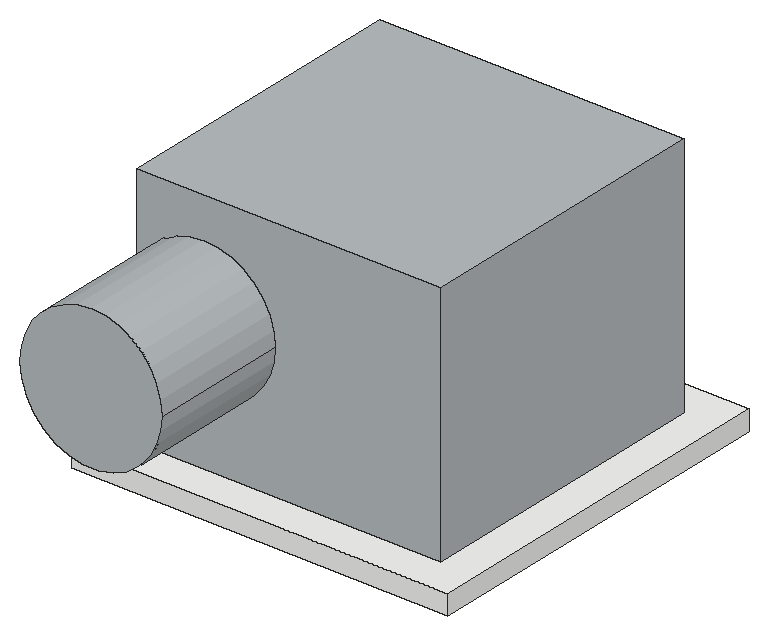
Revit family "vd-18_20zagvr7-c_50Hz", category 機械設備, Revit 2019
Family settings
  丸型コネクタ寸法 = 直径を使用
  パーツ タイプ = 標準
  OmniClass 番号 = 23.75.35.17.27
  OmniClass タイトル = Centrifugal Fans
  作業面ベース = いいえ
  常に垂直 = はい
  ロード時にボイドで切り取り = いいえ
  共有 = いいえ
  部屋計算ポイント = はい
Parameters (values of type "VD-20ZAGVR7-C")
  騒音レベル(dB(A)) [instance] = 47
  風量 [instance] = 550.0 m³/h
  電源種別 [instance] = ""
  電圧 = 100 V
  電動機出力 = 0 W
  電動機_種別 [instance] = ""
  運転質量 = 0.00 kg
  連動 [instance] = ""
  質量 = if(製品質量 > 運転質量, 製品質量, 運転質量) * 1.2  # 6.72 kg
  負荷分類 = 3_ファン類
  説明 = "CO2センサー搭載ダクト用換気扇 インテリア格子タイプ<低騒音形 24時間換気機能付 機器連携/定風量タイプ>"
  設計風量 [instance] = 0.0 m³/h
  設置方法 = "天埋"
  記号 [instance] = ""
  製造元 = "三菱電機株式会社"
  製品質量 = 5.60 kg
  製品出荷対象 = "国内"
  製品リリース年月 = "2024年6月3日"
  製品グループ = ""
  系統 [instance] = ""
  符号 [instance] = if(☑給気／□排気, "FS", "FE")  # "FE"
  積算_科目 = "2 換気設備"
  積算_拾い区分 [instance] = ""
  相 = 1
  盤記号 [instance] = ""
  発停方法 [instance] = ""
  特殊仕様 [instance] = ""
  火災停止 [instance] = ""
  消費電力 = 38 W
  法定耐用年数 = "15"
  機外静圧 [instance] = 140.0 Pa
  極数 = 2
  材質 [instance] = ""
  操作・制御方式 = ""
  操作・制御スイッチ = ""
  排気量 [instance] = if(☑給気／□排気, 0.0 m³/h, 設計風量)  # 0.0 m³/h
  形式 = "天井埋込ダクト形"
  幹線記号 [instance] = ""
  対象室 [instance] = ""
  実風量 [instance] = 0.0 m³/h
  始動方式 [instance] = "直入"
  外気量 [instance] = if(☑給気／□排気, 設計風量, 0.0 m³/h)  # 0.0 m³/h
  呼称 = "天井扇"
  周波数 = 50 Hz
  参照している仕様書等のバージョン = ""
  分類コード = "50052503100030"
  分類グループ = ""
  価格 = 116000
  企業コード = "108420"
  付属品_防振装置 = ""
  付属品 [instance] = ""
  仕様書バージョン = "Version1.0"
  モデル = "VD-20ZAGVR7-C"
  マテリアル = 鋼板
  ファンの種類 = ""
  ダクト径 = 150 mm
  コメント [instance] = ""
  Keynote = ""
  カバーマテリアル = 合成樹脂(白)
  ☑給気／□排気 [instance] = no
  Width = 307 mm
  W1 = 380 mm
  Version = ""
  Uniclass2015Version = "Systems v1.9"
  Uniclass2015Title = "Centrifugal fans"
  Uniclass2015Code = "Pr_65_67_29_12"
  URL = "https://www.mitsubishielectric.co.jp/ldg/wink/qr/002/333510/"
  SpecificationReference = ""
  SpecificationDescription = ""
  Revision = ""
  ProductInformation = ""
  OmniClassCode = "23-33 31 19 11 15"
  MIN風量 = 170.0 m³/h
  MIN静圧 = 70.0 Pa
  MID風量 = 0.0 m³/h
  MID静圧 = 0.0 Pa
  MAX風量 = 550.0 m³/h
  MAX静圧 = 140.0 Pa
  IfcTypeProduct = ""
  IfcProduct = ""
  IfcExportType = "PROPELLORAXIAL"
  IfcExportAs = "IfcFanType"
  Height = 248 mm
  H1 = 20 mm
  EAサイズ_D = 144 mm
  Duct_Height = 135 mm
  Duct_Depth = 142 mm
  Duct_Center = 86 mm
  Depth = 307 mm
  D1 = 380 mm
  Author = "三菱電機株式会社"
Types (2, lengths in mm): name | 騒音レベル(dB(A)) | 風量 | 質量 | 製品質量 | 消費電力 | 機外静圧 | 価格 | モデル | Width | W1 | URL | MIN風量 | MIN静圧 | MAX風量 | MAX静圧 | Height | H1 | Duct_Center | Depth | D1
  VD-18ZAGVR7-C | 42.5 | 400.0 m³/h | 5.64 kg | 4.70 kg | 19 W | 120.0 Pa | 94300 | "VD-18ZAGVR7-C" | 270 | 335 | "https://www.mitsubishielectric.co.jp/ldg/wink/qr/002/333642/" | 130.0 m³/h | 45.0 Pa | 400.0 m³/h | 120.0 Pa | 243 | 19 | 67 | 270 | 335
  VD-20ZAGVR7-C | 47 | 550.0 m³/h | 6.72 kg | 5.60 kg | 38 W | 140.0 Pa | 116000 | "VD-20ZAGVR7-C" | 307 | 380 | "https://www.mitsubishielectric.co.jp/ldg/wink/qr/002/333510/" | 170.0 m³/h | 70.0 Pa | 550.0 m³/h | 140.0 Pa | 248 | 20 | 86 | 307 | 380
Reference planes
  plane 1 "中心(正面/背面)": y = 0
  plane 2: z = 0
  plane 3 "中心(左/右)": x = 0
  plane 4: x = -190
  plane 5: x = 190
  plane 6: y = 190
  plane 7: y = -190
  plane 8: x = -153.5
  plane 9: x = 153.5
  plane 10: y = 153.5
  plane 11: y = -153.5
  plane 12: y = -295.5
  plane 13: z = 248
  plane 14: z = -20
  plane 15: z = 135
  plane 16: x = -86
Forms (mm)
  Extrusion 1, solid, material "鋼板" <- "マテリアル", detail levels fine
    sketch origin (0, 0, 0) x (1, 0, 0) y (0, 1, 0)
      loop
        line (-153.5, 153.5) -> (-153.5, -153.5) -> (153.5, -153.5) -> (153.5, 153.5) -> (-153.5, 153.5)
    from 0 to 248
  Extrusion 2, solid, material "合成樹脂(白)" <- "カバーマテリアル", detail levels fine
    sketch origin (0, 0, 0) x (1, 0, 0) y (0, 1, 0)
      loop
        line (-190, 190) -> (-190, -190) -> (190, -190) -> (190, 190) -> (-190, 190)
    from 0 to -20
  Extrusion 3, solid, material "鋼板" <- "マテリアル", detail levels fine
    sketch origin (0, 0, 0) x (1, 0, 0) y (0, 0, 1)
      loop
        circle (-86, 135) r 72
    from 153.5 to 295.5
Dimensions and locks
  equal spacing: plane 4, plane 3 "中心(左/右)", plane 5
  "W1": plane 4 to plane 5
  equal spacing: plane 6, plane 1 "中心(正面/背面)", plane 7
  "D1": plane 6 to plane 7
  equal spacing: plane 8, plane 3 "中心(左/右)", plane 9
  "Width": plane 8 to plane 9
  equal spacing: plane 10, plane 1 "中心(正面/背面)", plane 11
  "Depth": plane 10 to plane 11
  "Duct_Depth": plane 11 to plane 12
  "Height": plane 13 to plane 2
  "Duct_Height": plane 15 to plane 2
  "H1": plane 2 to plane 14
  "Duct_Center": plane 3 "中心(左/右)" to plane 16
  "EAサイズ_D": diameter of Extrusion 3 sketch curve
  aligned and locked: level to plane 2
  aligned and locked: plane 5 to Extrusion 2
  aligned and locked: plane 6 to Extrusion 2
  aligned and locked: Extrusion 2 to plane 4
  aligned and locked: Extrusion 2 to plane 7
  aligned and locked: plane 9 to Extrusion 1
  aligned and locked: Extrusion 1 to plane 11
  aligned and locked: Extrusion 1 to plane 8
  aligned and locked: plane 10 to Extrusion 1
  aligned and locked: plane 13 to Extrusion 1
  aligned and locked: Extrusion 2 to plane 14
  aligned and locked: level to Extrusion 2
  aligned and locked: Extrusion 1 to level
  aligned and locked: Extrusion 3 to plane 12
  aligned and locked: plane 11 to Extrusion 3
Automatic sketch dimensions
  Extrusion 1 sketch curve to plane 3 "中心(左/右)" = 153.5 mm
  plane 3 "中心(左/右)" to Extrusion 1 sketch curve = 153.5 mm
  Extrusion 2 sketch curve to plane 3 "中心(左/右)" = 190 mm
  plane 3 "中心(左/右)" to Extrusion 2 sketch curve = 190 mm
  plane 1 "中心(正面/背面)" to Extrusion 1 sketch curve = 153.5 mm
  Extrusion 1 sketch curve to plane 1 "中心(正面/背面)" = 153.5 mm
  plane 1 "中心(正面/背面)" to Extrusion 2 sketch curve = 190 mm
  Extrusion 2 sketch curve to plane 1 "中心(正面/背面)" = 190 mm
  Extrusion 3 sketch curve to plane 15 = 0 mm
  Extrusion 3 sketch curve to plane 16 = 0 mm
Nested families
  nested 1: "記号_天井換気扇_平面" at (0, 0, 0), type "記号_天井換気扇_平面", detail levels coarse+medium
Connectors
  hvac at (-86, -295.5, 135), driven by "ダクト径", driven by "風量", driven by "機外静圧"
    settings: on Extrusion 3, index 1, duct flow 550.0 m³/h, flow factor 0, pres drop 140.0 Pa, loss coef 0, conn angle 0.00°, conn width 304.8 mm, conn height 304.8 mm, conn diameter 150 mm, duct sys type 3, conn prof type 0, flow config 0, flow direction 2, loss method 4, conn ref index -1, conn util no, is conn primary yes, conn desc ""
  electrical at (0, 0, 248), driven by "極数", driven by "負荷分類", driven by "電圧", driven by "消費電力"
    settings: on Extrusion 1, index 2, voltage 100 V, apparent load 38 VA, apparent load phase1 0 VA, apparent load phase2 0 VA, apparent load phase3 0 VA, power factor 1, load classification "3_ファン類", number of poles 2, system type 30, power factor state 1, is connector primary yes, connector utility no, sub classification motor no, connector description ""
Definition of nested family "記号_天井換気扇_平面"
  Reference planes
    plane 1: y = 0
    plane 2: x = 0
  Lines and regions (mm)
    detail lines
      curve 1: line (-2.5, 2.5, 0) -> (2.5, 2.5, 0)
      curve 2: line (-2.5, -2.5, 0) -> (-2.5, 2.5, 0)
      curve 3: line (2.5, -2.5, 0) -> (-2.5, -2.5, 0)
      curve 4: line (2.5, 2.5, 0) -> (2.5, -2.5, 0)
      curve 5: circle (-1.04, -1.04, 0) r 1.46 normal (0, 0, 1)
      curve 6: circle (1.04, 1.04, 0) r 1.46 normal (0, 0, 1)
      curve 7: line (-3.125, 3.125, 0) -> (3.125, 3.125, 0)
      curve 8: line (-3.125, -3.125, 0) -> (-3.125, 3.125, 0)
      curve 9: line (3.125, -3.125, 0) -> (-3.125, -3.125, 0)
      curve 10: line (3.125, 3.125, 0) -> (3.125, -3.125, 0)
      curve 11: circle (1.295, 1.295, 0) r 1.83 normal (0, 0, 1)
      curve 12: circle (-1.295, -1.295, 0) r 1.83 normal (0, 0, 1)
      curve 13: line (-2, 2, 0) -> (2, 2, 0)
      curve 14: line (-2, -2, 0) -> (-2, 2, 0)
      curve 15: line (2, -2, 0) -> (-2, -2, 0)
      curve 16: line (2, 2, 0) -> (2, -2, 0)
      curve 17: circle (0.84, 0.84, 0) r 1.16 normal (0, 0, 1)
      curve 18: circle (-0.84, -0.84, 0) r 1.2 normal (0, 0, 1)
